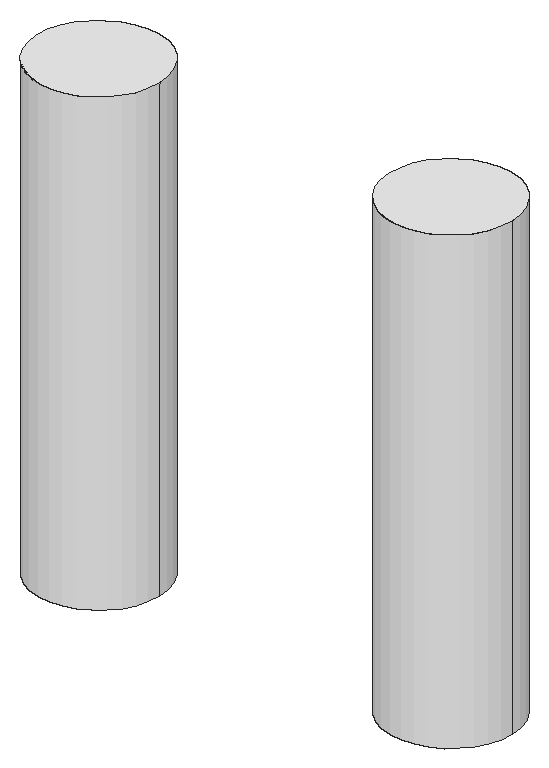
Revit family "51412293", category Plumbing Fixtures, Revit 2020
Family settings
  Round Connector Dimension = Use Diameter
  Part Type = Normal
  OmniClass Number = 23.45.55.00
  OmniClass Title = Sanitary Faucets, Wastes
  Work Plane-Based = No
  Always vertical = Yes
  Cut with Voids When Loaded = No
  Shared = No
  Room Calculation Point = No
Parameters (values of type "51412293 Washbasin faucet")
  Working Pressure = "50 - 1000 kPa"
  WarrantyStartDate [instance] = "n/a"
  WarrantyGuarantorParts = "n/a"
  WarrantyGuarantorLabor = "n/a"
  WarrantyDurationUnit = "Year"
  WarrantyDurationParts = "n/a"
  WarrantyDurationLabor = "n/a"
  WarrantyDescription = "http://warranty.hansa.com"
  Warranty Information URL = "http://warranty.hansa.com"
  VersionDate = "01/06/2023"
  Version = "1"
  ValvePattern = "n/a"
  ValveOperation = "n/a"
  ValveMechanism = "n/a"
  Uniclass2015Reference = "Pr_40_20_87_96"
  Uniclass2015Description = "Washbasin manual water supply sets"
  Uniclass2 = "Pr_40_30_96_96"
  URL UWL = "http://static.hansa.com/UWL/51412293"
  URL REACH = "http://static.hansa.com/doc/reach"
  URL Materials Declaration = "http://www.hansa.com/fileadmin/resources/182299_51412293_materialsdeclaration.pdf"
  URL KIWA = "http://static.hansa.com/Kiwa/51412293"
  URL Environmental Product Declaration EPD = "http://www.hansa.com/fileadmin/resources/184523_EPD_Washbasin faucet.pdf"
  URL EcoLabel Declaration = "http://static.hansa.com/doc/EcoLabel"
  URL EU Packaging Declaration = "http://static.hansa.com/doc/packaging"
  URL Declaration of SCIP = "http://static.hansa.com/doc/SCIP"
  URL Declaration of Conformity = "http://static.hansa.com/DoC/51412293"
  URL Declaration of Asbestos = "http://static.hansa.com/doc/asbestos"
  URL Declaration Of Performance (DOP) = "http://static.hansa.com/doc/DoP"
  URL DVGW = "http://static.hansa.com/DVGW/51412293"
  URL ABP = "http://static.hansa.com/ABP/51412293"
  URL = ""
  UNSPSC Class Number = "30181700 Faucets or taps"
  TestPressure = "n/a"
  Temperature Adjustments = "Limitation option for maximum temperature and flow-rate ;Adjustable hot water stop (included, retrofittable)"
  Temperature = "Temperature limiter;Temperature limiter (retrofittable)"
  Technical DataSheet URL = "http://www.hansa.com/datasheet/51412293/en"
  TagNumber [instance] = "n/a"
  SustainabilityPerformance = "n/a"
  Surface treatment = "Chrome"
  Spout Type = "Fixed spout"
  Spout Projection = "103 mm"
  Spare-Part Information URL = "http://static.hansa.com/sp/51412293"
  Size = "48.5x137x136 mm"
  Shape = "Sculptured"
  SerialNumber [instance] = "n/a"
  Sales Package dimensions (LxWxH) = "380 x 180 x 74"
  Revision = "n/a"
  ReplacementCost = "n/a"
  ProductInformation = "Washbasin faucet with fixed spout and aerator"
  Product URL = "http://static.hansa.com/51412293"
  Product Image URL = "http://static.hansa.com/image/51412293"
  Product Family = "HANSAPOLO "
  Product Code = "51412293"
  OperatingMechanismMaterial = "n/a"
  NominalWidth = 48.5 mm
  NominalHeight = 137 mm
  NominalDepth = 137 mm
  Noise Class = "I (ISO3822)"
  Name_en = "51412293 Washbasin faucet"
  Name = "51412293 Washbasin faucet"
  NBSReference = "45-35-70/371"
  NBSDescription = "Water supply fittings for wash basins and troughs"
  Mounting Holes = "1 hole"
  ModelReference = "51412293"
  ModelNumber = "n/a"
  Model = "51412293 Washbasin faucet"
  Mobile Product Information URL = "http://mpi.hansa.com/51412293"
  Mechanical Parts = "ø 35 mm ceramic cartridge for flow and temperature control"
  Max. Hot Water Supply = 70 °C
  Material = "Brass"
  Market = "Austria;Belgium;Czech Republic;Germany;Spain;International;Italy;Netherlands;Slovakia"
  ManufacturerURL = "http://www.hansa.com"
  ManufacturerName = "HANSA"
  Manufacturer = "HANSA"
  Lever Handle = "Hot/Cold symbols;Single operating lever/handle"
  Interactive AR View URL = "https://static.hansa.com/AR/51412293"
  InstallationDate [instance] = "n/a"
  Installation and Maintenance Guide URL = "http://static.hansa.com/manual/51412293"
  Installation Type = "Deck mounted"
  InletConnectionSize = 8 mm
  IfcExportType = "FAUCET"  # constant formula
  IfcExportAs = "IfcValveType"  # constant formula
  Group = "Washbasin faucet"
  Grade = "n/a"
  FlowCoefficient = 0
  Flow Rate At 300kPa With Flow Controller = 0.1 L/s
  Flow Drawing URL = "http://static.hansa.com/flowchart/51412293"
  Finish = "Polished"
  Features = "Single-lever"
  FaucetMainMaterial = Brass
  FDV Document URL = "http://www.hansa.com/datasheet/51412293/en/fdv"
  Extensions = "Chain holder with chain"
  ExpectedLife = "n/a"
  Excluded Items = "Without pop-up waste"
  ETIM Class Number = "EC011328 Washbasin mixing tap"
  EN Standard = "EN 817"
  EAN Number = "4057304002823"
  DurationUnit = "Year"
  Dimension Drawing URL = "http://static.hansa.com/dimdrw/51412293"
  Description = "Washbasin faucet with fixed spout and aerator"
  DefaultElevation [instance] = 900 mm
  Default Elevation = 0 mm
  Constituents = "n/a"
  Connection Size = "G3/8"
  Connection = "Flexible inlet pipes"
  Color = "Chrome"
  CodePerformance = "n/a"
  CloseOffRating = 0
  Category = "Washbasin"
  Catalog Drawing URL = "http://static.hansa.com/catdrw/51412293"
  CO2 Emissions (D) = -4.56
  CO2 Emissions (C4) = 0.05
  CO2 Emissions (C3) = 0.01
  CO2 Emissions (C2) = 0.01
  CO2 Emissions (B7) = 1854
  CO2 Emissions (A4) = 0.18
  CO2 Emissions (A1-A3) = 6.42
  Brand = "HANSA"
  BodyMaterial = "Brass"
  Barcode [instance] = "n/a"
  BIMObjectName = "51412293"
  Author = "BIMStone"
  AssetType = "Fixed"
  AssetIdentifier [instance] = "n/a"
  Approval KIWA = "K6116/08"
  Approval DVGW = "NW-6506BP0361"
  Approval ABP = "P-IX 29493/IA"
  Ambience photo = "http://static.hansa.com/ambience/51412293"
  Aerator = "PCA® - constant flow rate regardless of pressure variations"
  Advanced Features = "Inner body made of DZR brass;Rapid installation system"
  AccessibilityPerformance = "n/a"
  3D View = "https://static.hansa.com/AR/51412293"
  2D/3D/BIM Files URL = "http://static.hansa.com/bim/51412293"
Reference planes
  plane 1 "Center (Front/Back)": y = 0
  plane 2: z = 0
  plane 3 "Center (Left/Right)": x = 0
  plane 4: x = -24.25
  plane 5: z = 1037
  plane 6: z = 900
  plane 7: z = 870
  plane 8: y = -137
  plane 9: x = 24.25
Forms (mm)
  Extrusion 1, solid, material "Brass" <- "FaucetMainMaterial"
    sketch origin (0, 0, 0) x (1, 0, 0) y (0, 1, 0)
      loop
        circle (-11.5, -22.5) r 4
      loop
        circle (11.5, -22.5) r 4
    from 870 to 900
  Extrusion 2, solid, material "Brass" <- "FaucetMainMaterial", detail levels medium
    sketch origin (0, 0, 0) x (0, 1, 0) y (0, 0, 1)
      loop
        line (-11.837, 1037) -> (-124.122, 1037) -> (-122.074, 1028.126) -> (-62.2, 1027.177)
        arc (-62.2, 1027.177) -> (-58.651, 1025.78) -> (-57.131, 1022.282) r 4.983
        line (-57.131, 1022.282) -> (-56.683, 996.618) -> (-137, 989.601) -> (-137, 987.69) -> (-131.699, 983.242) -> (-135.856, 977.305) -> (-116.182, 963.529) -> (-114.062, 966.556) -> (-77.551, 967.193)
        arc (-77.551, 967.193) -> (-59.309, 959.809) -> (-50.685, 942.118) r 27.474
        line (-50.685, 942.118) -> (-47, 900) -> (0, 900) -> (-11.837, 1037)
    from -24.25 to 24.25
  Extrusion 3, solid, material "Brass" <- "FaucetMainMaterial", detail levels coarse
    sketch origin (0, 0, 0) x (1, 0, 0) y (0, 1, 0)
      loop
        line (-24.25, 0) -> (-24.25, -137) -> (24.25, -137) -> (24.25, 0) -> (-24.25, 0)
    from 900 to 1037
Lines and regions (mm)
  symbolic lines, detail levels medium+fine
    curve 1: line (0, 0, 900) -> (-23.5, 0, 900)
    curve 2: line (-23.5, 0, 900) -> (-23.5, 0, 998.12)
    curve 3: spline (-24.25, 0, 1002.285) -> (-24.238, 0, 1002.205) -> (-24.201, 0, 1002.125) -> (-24.14, 0, 1002.045) -> (-24.055, 0, 1001.966) -> (-23.945, 0, 1001.886) -> (-23.812, 0, 1001.808) -> (-23.654, 0, 1001.729) -> (-23.472, 0, 1001.651) -> (-23.267, 0, 1001.574) -> (-23.039, 0, 1001.498) -> (-22.787, 0, 1001.422) -> (-22.512, 0, 1001.347)
    curve 4: arc (-24.25, 0, 1002.285) -> (-23.247, 0, 1017.942) -> (-21.807, 0, 1033.565) r 561.53
    curve 5: line (-20.482, 0, 1035.174) -> (-14.32, 0, 1036.261)
    curve 6: arc (-14.32, 0, 1036.261) -> (-9.879, 0, 1036.835) -> (-5.404, 0, 1037) r 48.793
    curve 7: line (-5.404, 0, 1037) -> (0, 0, 1037)
    curve 9: line (0, 0, 900) -> (23.5, 0, 900)
    curve 10: line (23.5, 0, 900) -> (23.5, 0, 998.12)
    curve 11: spline (24.25, 0, 1002.285) -> (24.238, 0, 1002.205) -> (24.201, 0, 1002.125) -> (24.14, 0, 1002.045) -> (24.055, 0, 1001.966) -> (23.945, 0, 1001.886) -> (23.812, 0, 1001.808) -> (23.654, 0, 1001.729) -> (23.472, 0, 1001.651) -> (23.267, 0, 1001.574) -> (23.039, 0, 1001.498) -> (22.787, 0, 1001.422) -> (22.512, 0, 1001.347)
    curve 12: arc (24.25, 0, 1002.285) -> (23.247, 0, 1017.942) -> (21.807, 0, 1033.565) r 561.53
    curve 13: line (20.482, 0, 1035.174) -> (14.32, 0, 1036.261)
    curve 14: arc (14.32, 0, 1036.261) -> (9.879, 0, 1036.835) -> (5.404, 0, 1037) r 48.793
    curve 15: line (5.404, 0, 1037) -> (0, 0, 1037)
    curve 16: line (-22.633, 0, 998.988) -> (-22.512, 0, 1001.347)
    curve 17: line (22.633, 0, 998.988) -> (22.512, 0, 1001.347)
    curve 18: arc (-22.633, 0, 998.988) -> (-23.246, 0, 998.734) -> (-23.5, 0, 998.12) r 0.867
    curve 19: arc (22.633, 0, 998.988) -> (23.246, 0, 998.734) -> (23.5, 0, 998.12) r 0.867
    curve 20: arc (-20.482, 0, 1035.174) -> (-21.441, 0, 1034.614) -> (-21.807, 0, 1033.565) r 1.605
    curve 21: arc (20.482, 0, 1035.174) -> (21.441, 0, 1034.614) -> (21.807, 0, 1033.565) r 1.605
    curve 59: line (0, 0, 900) -> (0, -47, 900)
    curve 60: line (0, -47, 900) -> (0, -50.685, 942.118)
    curve 61: arc (0, -50.685, 942.118) -> (0, -59.309, 959.809) -> (0, -77.551, 967.193) r 27.474
    curve 62: line (0, -77.551, 967.193) -> (0, -109.985, 966.627)
    curve 63: arc (0, -109.985, 966.627) -> (0, -111.706, 966.9) -> (0, -113.23, 967.744) r 5.017
    curve 65: line (0, -136.087, 989.68) -> (0, -56.683, 996.618)
    curve 66: line (0, -56.683, 996.618) -> (0, -57.131, 1022.282)
    curve 67: arc (0, -57.131, 1022.282) -> (0, -58.651, 1025.78) -> (0, -62.2, 1027.177) r 4.983
    curve 68: line (0, -62.2, 1027.177) -> (0, -118.76, 1028.074)
    curve 69: arc (0, -118.76, 1028.074) -> (0, -121.312, 1028.98) -> (0, -122.794, 1031.248) r 4.237
    curve 70: line (0, -122.794, 1031.248) -> (0, -123.357, 1033.686)
    curve 71: arc (0, -123.357, 1033.686) -> (0, -123.101, 1034.795) -> (0, -122.07, 1035.277) r 1.299
    curve 72: line (0, -122.07, 1035.277) -> (0, -83.546, 1036.623)
    curve 73: arc (0, -83.546, 1036.623) -> (0, -75.229, 1036.862) -> (0, -66.91, 1037) r 680.589
    curve 74: arc (0, -66.91, 1037) -> (0, -40.52, 1036.693) -> (0, -14.169, 1035.22) r 597.328
    curve 75: arc (0, -14.169, 1035.22) -> (0, -13.191, 1034.767) -> (0, -12.746, 1033.786) r 1.547
    curve 76: line (0, -12.746, 1033.786) -> (0, -9.744, 1014.834)
    curve 77: line (0, -9.744, 1014.834) -> (0, -15.314, 1011.619)
    curve 78: arc (0, -15.314, 1011.619) -> (0, -12.568, 1006.368) -> (0, -11.235, 1000.594) r 23.302
    curve 79: arc (0, -137, 988.684) -> (0, -136.737, 989.36) -> (0, -136.087, 989.68) r 1
    curve 80: arc (0, -137, 988.156) -> (0, -136.906, 987.733) -> (0, -136.643, 987.39) r 1
    curve 81: line (0, -137, 988.684) -> (0, -137, 988.156)
    curve 82: line (0, -116.182, 963.529) -> (0, -135.856, 977.305)
    curve 83: line (0, -131.699, 983.242) -> (0, -135.856, 977.305)
    curve 84: line (0, -113.23, 967.744) -> (0, -116.182, 963.529)
    curve 85: line (0, -131.699, 983.242) -> (0, -136.643, 987.39)
    curve 89: line (0, -11.235, 1000.594) -> (0, -8.819, 1000.805)
    curve 91: line (0, -137, 0) -> (-6.831, -137, 0)
    curve 92: arc (-6.831, -137, 0) -> (-9.954, -136.71, 0) -> (-12.97, -135.849, 0) r 16.95
    curve 93: arc (-12.97, -135.849, 0) -> (-13.9, -135.32, 0) -> (-14.637, -134.545, 0) r 3.659
    curve 94: arc (-14.637, -134.545, 0) -> (-15.74, -132.603, 0) -> (-16.449, -130.485, 0) r 11.565
    curve 95: line (-16.449, -130.485, 0) -> (-22.722, -40.776, 0)
    curve 96: line (0, -137, 0) -> (6.831, -137, 0)
    curve 97: arc (6.831, -137, 0) -> (9.954, -136.71, 0) -> (12.97, -135.849, 0) r 16.95
    curve 98: arc (12.97, -135.849, 0) -> (13.9, -135.32, 0) -> (14.637, -134.545, 0) r 3.659
    curve 99: arc (14.637, -134.545, 0) -> (15.74, -132.603, 0) -> (16.449, -130.485, 0) r 11.565
    curve 100: line (16.449, -130.485, 0) -> (22.722, -40.776, 0)
    curve 102: spline (23.357, -26.09, 0) -> (23.666, -27.298, 0) -> (23.911, -28.52, 0) -> (24.09, -29.752, 0) -> (24.203, -30.993, 0) -> (24.249, -32.237, 0) -> (24.228, -33.482, 0) -> (24.141, -34.725, 0) -> (23.988, -35.961, 0) -> (23.769, -37.187, 0) -> (23.484, -38.401, 0) -> (23.135, -39.598, 0) -> (22.722, -40.776, 0)
    curve 103: arc (23.357, -26.09, 0) -> (0, 0, 0) -> (-23.357, -26.09, 0) r 23.5
    curve 112: spline (-22.722, -40.776, 0) -> (-23.135, -39.598, 0) -> (-23.484, -38.401, 0) -> (-23.769, -37.187, 0) -> (-23.988, -35.961, 0) -> (-24.141, -34.725, 0) -> (-24.228, -33.482, 0) -> (-24.249, -32.237, 0) -> (-24.203, -30.993, 0) -> (-24.09, -29.752, 0) -> (-23.911, -28.52, 0) -> (-23.666, -27.298, 0) -> (-23.357, -26.09, 0)
    curve 117: line (0, 0, 900) -> (0, -8.819, 1000.805)
  symbolic lines, detail levels fine
    curve 8: spline (-22.512, 0, 1001.347) -> (-19.863, 0, 1000.838) -> (-16.168, 0, 1000.405) -> (-11.62, 0, 1000.071) -> (-6.46, 0, 999.854) -> (-0.96, 0, 999.765) -> (4.591, 0, 999.808) -> (9.899, 0, 999.982) -> (14.687, 0, 1000.278) -> (18.7, 0, 1000.679) -> (21.728, 0, 1001.165) -> (23.611, 0, 1001.71) -> (24.25, 0, 1002.285)
    curve 22: line (-15.899, 0, 1034.548) -> (-15.72, 0, 1031.125)
    curve 23: arc (-15.72, 0, 1031.125) -> (-14.393, 0, 1028.344) -> (-11.489, 0, 1027.315) r 4.026
    curve 24: line (-11.489, 0, 1027.315) -> (0, 0, 1027.315)
    curve 25: arc (-14.32, 0, 1036.261) -> (-15.47, 0, 1035.737) -> (-15.899, 0, 1034.548) r 1.629
    curve 26: line (15.899, 0, 1034.548) -> (15.72, 0, 1031.125)
    curve 27: arc (15.72, 0, 1031.125) -> (14.393, 0, 1028.344) -> (11.489, 0, 1027.315) r 4.026
    curve 28: line (11.489, 0, 1027.315) -> (0, 0, 1027.315)
    curve 29: arc (14.32, 0, 1036.261) -> (15.47, 0, 1035.737) -> (15.899, 0, 1034.548) r 1.629
    curve 30: spline (-22.633, 0, 998.988) -> (-21.861, 0, 998.451) -> (-19.6, 0, 997.951) -> (-16.004, 0, 997.522) -> (-11.316, 0, 997.193) -> (-5.858, 0, 996.986) -> (0, 0, 996.915) -> (5.858, 0, 996.986) -> (11.316, 0, 997.193) -> (16.004, 0, 997.522) -> (19.6, 0, 997.951) -> (21.861, 0, 998.451) -> (22.633, 0, 998.988)
    curve 31: spline (10.74, 0, 970.347) -> (10.374, 0, 971.955) -> (9.301, 0, 973.453) -> (7.594, 0, 974.74) -> (5.37, 0, 975.728) -> (2.78, 0, 976.349) -> (0, 0, 976.56) -> (-2.78, 0, 976.349) -> (-5.37, 0, 975.728) -> (-7.594, 0, 974.74) -> (-9.301, 0, 973.453) -> (-10.374, 0, 971.955) -> (-10.74, 0, 970.347) -> (-10.374, 0, 968.738) -> (-9.301, 0, 967.24) -> (-7.594, 0, 965.953) -> (-5.37, 0, 964.965) -> (-2.78, 0, 964.345) -> (0, 0, 964.133) -> (2.78, 0, 964.345) -> (5.37, 0, 964.965) -> (7.594, 0, 965.953) -> (9.301, 0, 967.24) -> (10.374, 0, 968.738) -> (10.74, 0, 970.347)
    curve 32: line (-10.74, 0, 970.347) -> (-10.74, 0, 977.121)
    curve 33: line (10.74, 0, 970.347) -> (10.74, 0, 977.121)
    curve 34: spline (-10.74, 0, 970.633) -> (-11.115, 0, 971.144) -> (-11.425, 0, 971.671) -> (-11.668, 0, 972.211) -> (-11.842, 0, 972.761) -> (-11.948, 0, 973.317) -> (-11.983, 0, 973.877) -> (-11.948, 0, 974.437) -> (-11.842, 0, 974.993) -> (-11.668, 0, 975.543) -> (-11.425, 0, 976.083) -> (-11.115, 0, 976.61) -> (-10.74, 0, 977.121)
    curve 35: line (-11.983, 0, 973.877) -> (-11.983, 0, 976.203)
    curve 36: line (11.983, 0, 973.877) -> (11.983, 0, 976.203)
    curve 37: spline (-11.983, 0, 976.203) -> (-11.574, 0, 978.096) -> (-10.377, 0, 979.86) -> (-8.473, 0, 981.375) -> (-5.991, 0, 982.538) -> (-3.101, 0, 983.269) -> (0, 0, 983.518) -> (3.101, 0, 983.269) -> (5.991, 0, 982.538) -> (8.473, 0, 981.375) -> (10.377, 0, 979.86) -> (11.574, 0, 978.096) -> (11.983, 0, 976.203)
    curve 38: spline (-10.74, 0, 977.121) -> (-9.578, 0, 978.273) -> (-8.088, 0, 979.275) -> (-6.321, 0, 980.092) -> (-4.338, 0, 980.696) -> (-2.207, 0, 981.067) -> (0, 0, 981.192) -> (2.207, 0, 981.067) -> (4.338, 0, 980.696) -> (6.321, 0, 980.092) -> (8.088, 0, 979.275) -> (9.578, 0, 978.273) -> (10.74, 0, 977.121)
    curve 39: spline (10.74, 0, 977.121) -> (11.115, 0, 976.61) -> (11.425, 0, 976.083) -> (11.668, 0, 975.543) -> (11.842, 0, 974.993) -> (11.948, 0, 974.437) -> (11.983, 0, 973.877) -> (11.948, 0, 973.317) -> (11.842, 0, 972.761) -> (11.668, 0, 972.211) -> (11.425, 0, 971.671) -> (11.115, 0, 971.144) -> (10.74, 0, 970.633)
    curve 40: line (-23.5, 0, 998.12) -> (-17.681, 0, 988.808)
    curve 41: line (-17.681, 0, 988.808) -> (-16.86, 0, 987.494)
    curve 42: arc (-16.86, 0, 987.494) -> (-15.964, 0, 986.671) -> (-14.772, 0, 986.423) r 2.289
    curve 43: line (-3.71, 0, 987.138) -> (-14.772, 0, 986.423)
    curve 44: arc (-3.71, 0, 987.138) -> (-1.858, 0, 987.301) -> (0, 0, 987.355) r 31.816
    curve 45: line (23.5, 0, 998.12) -> (16.86, 0, 987.494)
    curve 46: arc (16.86, 0, 987.494) -> (15.963, 0, 986.67) -> (14.77, 0, 986.422) r 2.29
    curve 47: line (3.71, 0, 987.138) -> (14.77, 0, 986.422)
    curve 48: arc (3.71, 0, 987.138) -> (1.858, 0, 987.301) -> (0, 0, 987.355) r 31.816
    curve 49: line (-23.5, 0, 988.518) -> (-18.651, 0, 977.627)
    curve 50: arc (-18.651, 0, 977.627) -> (-15.357, 0, 972.753) -> (-10.589, 0, 969.307) r 16.858
    curve 51: line (23.5, 0, 988.518) -> (18.651, 0, 977.627)
    curve 52: arc (18.651, 0, 977.627) -> (15.357, 0, 972.753) -> (10.589, 0, 969.307) r 16.858
    curve 53: line (-17.103, 0, 984.092) -> (-17.368, 0, 980.229)
    curve 54: arc (-17.368, 0, 980.229) -> (-16.589, 0, 975.346) -> (-13.751, 0, 971.296) r 11.008
    curve 55: arc (-14.772, 0, 986.423) -> (-16.42, 0, 985.741) -> (-17.103, 0, 984.092) r 2.331
    curve 56: line (17.103, 0, 984.092) -> (17.368, 0, 980.229)
    curve 57: arc (17.368, 0, 980.229) -> (16.589, 0, 975.346) -> (13.751, 0, 971.296) r 11.008
    curve 58: arc (14.772, 0, 986.423) -> (16.42, 0, 985.741) -> (17.103, 0, 984.092) r 2.331
    curve 64: line (0, -113.23, 967.744) -> (0, -131.699, 983.242)
    curve 86: line (0, -15.314, 1011.619) -> (0, -31.179, 1002.459)
    curve 87: line (0, -56.746, 1000.222) -> (0, -31.179, 1002.459)
    curve 88: line (0, -56.683, 996.618) -> (0, -11.235, 1000.594)
    curve 90: spline (-16.871, -49.542, 0) -> (-17.505, -48.918, 0) -> (-18.114, -48.272, 0) -> (-18.699, -47.604, 0) -> (-19.258, -46.915, 0) -> (-19.791, -46.206, 0) -> (-20.296, -45.479, 0) -> (-20.774, -44.734, 0) -> (-21.223, -43.971, 0) -> (-21.643, -43.194, 0) -> (-22.033, -42.401, 0) -> (-22.393, -41.595, 0) -> (-22.722, -40.776, 0)
    curve 101: spline (-23.357, -26.09, 0) -> (-21.412, -21.325, 0) -> (-18.468, -17.081, 0) -> (-14.662, -13.556, 0) -> (-10.172, -10.913, 0) -> (-5.207, -9.276, 0) -> (0, -8.722, 0) -> (5.207, -9.276, 0) -> (10.172, -10.913, 0) -> (14.662, -13.556, 0) -> (18.468, -17.081, 0) -> (21.412, -21.325, 0) -> (23.357, -26.09, 0)
    curve 104: line (0, -123.45, 0) -> (-5, -123.45, 0)
    curve 105: arc (-5, -123.45, 0) -> (-8.178, -122.739, 0) -> (-10.749, -120.742, 0) r 7.456
    curve 106: arc (-10.749, -120.742, 0) -> (-11.709, -119.136, 0) -> (-12.144, -117.316, 0) r 6.19
    curve 107: line (-12.144, -117.316, 0) -> (-15.964, -54.466, 0)
    curve 108: line (0, -123.45, 0) -> (5, -123.45, 0)
    curve 109: arc (5, -123.45, 0) -> (8.178, -122.739, 0) -> (10.749, -120.742, 0) r 7.456
    curve 110: arc (10.749, -120.742, 0) -> (11.709, -119.136, 0) -> (12.144, -117.316, 0) r 6.19
    curve 111: line (12.144, -117.316, 0) -> (15.964, -54.466, 0)
    curve 113: spline (22.722, -40.776, 0) -> (22.393, -41.595, 0) -> (22.033, -42.401, 0) -> (21.643, -43.194, 0) -> (21.223, -43.971, 0) -> (20.774, -44.734, 0) -> (20.296, -45.479, 0) -> (19.791, -46.206, 0) -> (19.258, -46.915, 0) -> (18.699, -47.604, 0) -> (18.114, -48.272, 0) -> (17.505, -48.918, 0) -> (16.871, -49.542, 0)
    curve 114: spline (18.875, -45.082, 0) -> (21.467, -38.062, 0) -> (21.469, -30.592, 0) -> (18.881, -23.572, 0) -> (14.014, -17.848, 0) -> (7.457, -14.112, 0) -> (0, -12.815, 0) -> (-7.457, -14.112, 0) -> (-14.014, -17.848, 0) -> (-18.881, -23.572, 0) -> (-21.469, -30.592, 0) -> (-21.467, -38.062, 0) -> (-18.875, -45.082, 0)
    curve 115: arc (-15.964, -54.466, 0) -> (-16.854, -49.598, 0) -> (-18.875, -45.082, 0) r 20.664
    curve 116: arc (15.964, -54.466, 0) -> (16.854, -49.598, 0) -> (18.875, -45.082, 0) r 20.664
Dimensions and locks
  "NominalHeight": plane 5 to plane 6
  "DefaultElevation": plane 6 to level
  locked: plane 6 to plane 7 at 30
  "NominalDepth": plane 8 to plane 1 "Center (Front/Back)"
  equal spacing: plane 4, plane 3 "Center (Left/Right)", plane 9
  "NominalWidth": plane 4 to plane 9
  "InletConnectionSize": diameter of Extrusion 1 sketch curve  (x2)
  aligned and locked: level to plane 2
  aligned and locked: plane 6 to Extrusion 1
  aligned and locked: Extrusion 1 to plane 7
  aligned and locked: Extrusion 3 to plane 6
  aligned and locked: plane 5 to Extrusion 3
  aligned and locked: plane 6 to import instance
Automatic sketch dimensions
  curve 101 to plane 4 = 0 mm
  curve 90 to plane 4 = 0 mm
  curve 112 to plane 4 = 0 mm
  curve 113 to plane 4 = 0 mm
  curve 102 to plane 4 = 0 mm
  plane 8 to curve 92 = 0 mm
  curve 96 to plane 3 "Center (Left/Right)" = 0 mm
  curve 90 to plane 3 "Center (Left/Right)" = 0 mm
  curve 101 to plane 3 "Center (Left/Right)" = 0 mm
  curve 102 to plane 3 "Center (Left/Right)" = 0 mm
  curve 113 to plane 3 "Center (Left/Right)" = 0 mm
  curve 108 to plane 3 "Center (Left/Right)" = 0 mm
  curve 103 to plane 3 "Center (Left/Right)" = 0 mm
  curve 114 to plane 3 "Center (Left/Right)" = 0 mm
  curve 112 to plane 3 "Center (Left/Right)" = 0 mm
  curve 115 to plane 4 = 12.34 mm
  plane 4 to curve 95 = 1.528 mm
  plane 4 to curve 95 = 7.801 mm
  plane 4 to curve 107 = 8.286 mm
  plane 4 to curve 107 = 12.106 mm
  curve 95 to curve 93 = 4.805 mm
  curve 106 to curve 92 = 5.313 mm
  curve 92 to curve 106 = 0.855 mm
  curve 94 to plane 3 "Center (Left/Right)" = 5.179 mm
  curve 92 to curve 104 = 1.831 mm
  plane 3 "Center (Left/Right)" to curve 108 = 5 mm
  curve 108 to curve 99 = 0.179 mm
  curve 109 to curve 110 = 0.976 mm
  curve 110 to curve 97 = 0.855 mm
  curve 98 to plane 8 = 4.562 mm
  curve 97 to curve 98 = 4.813 mm
  curve 97 to curve 111 = 5.313 mm
  plane 9 to curve 111 = 8.286 mm
  curve 98 to curve 100 = 4.805 mm
  plane 9 to curve 100 = 1.528 mm
  curve 116 to plane 9 = 12.34 mm
  curve 93 to plane 8 = 4.562 mm
  curve 93 to curve 95 = 1.953 mm
  curve 98 to curve 100 = 1.953 mm
  curve 98 to curve 99 = 4.55 mm
  curve 93 to curve 94 = 4.55 mm
  curve 94 to curve 104 = 4.438 mm
  curve 109 to curve 97 = 3.4 mm
  curve 105 to curve 92 = 3.4 mm
  curve 92 to curve 107 = 2.733 mm
  curve 97 to curve 111 = 2.733 mm
  curve 97 to curve 110 = 3.25 mm
  curve 92 to curve 106 = 3.25 mm
  curve 106 to curve 105 = 0.806 mm
  curve 110 to curve 109 = 0.806 mm
  plane 1 "Center (Front/Back)" to curve 115 = 55.719 mm
  curve 116 to curve 111 = 1.254 mm
  curve 115 to curve 107 = 1.254 mm
  curve 115 to curve 95 = 13.69 mm
  curve 111 to curve 100 = 13.69 mm
  plane 1 "Center (Front/Back)" to curve 103 = 23.5 mm
  plane 4 to curve 103 = 0.893 mm
  plane 4 to curve 115 = 5.375 mm
  curve 115 to curve 90 = 2.004 mm
  curve 93 to curve 94 = 0 mm
  curve 98 to curve 97 = 0 mm
  curve 113 to curve 114 = 2.004 mm
  plane 9 to curve 114 = 2.451 mm
  curve 113 to curve 114 = 4.46 mm
  curve 114 to curve 90 = 1.844 mm
  curve 101 to curve 90 = 0 mm
  curve 112 to curve 113 = 0 mm
  Extrusion 3 sketch curve to plane 4 = 0 mm
  plane 8 to Extrusion 3 sketch curve = 0 mm
  Extrusion 3 sketch curve to plane 9 = 0 mm
  Extrusion 3 sketch curve to plane 1 "Center (Front/Back)" = 0 mm
  Extrusion 2 sketch curve to plane 8 = 0 mm
  Extrusion 2 sketch curve to plane 6 = 0 mm
  Extrusion 2 sketch curve to plane 5 = 0 mm
  Extrusion 2 sketch curve to plane 1 "Center (Front/Back)" = 0 mm
  Extrusion 2 sketch curve to plane 8 = 1.144 mm
  Extrusion 2 sketch curve to plane 8 = 5.301 mm
  Extrusion 2 sketch curve to plane 8 = 12.878 mm
  Extrusion 2 sketch curve to Extrusion 2 sketch curve = 2.049 mm
  Extrusion 2 sketch curve to plane 8 = 20.818 mm
  Extrusion 2 sketch curve to Extrusion 2 sketch curve = 2.12 mm
  Extrusion 2 sketch curve to Extrusion 2 sketch curve = 36.007 mm
  Extrusion 2 sketch curve to Extrusion 2 sketch curve = 0.503 mm
  Extrusion 2 sketch curve to plane 5 = 9.823 mm
  Extrusion 2 sketch curve to Extrusion 2 sketch curve = 59.874 mm
  Extrusion 2 sketch curve to Extrusion 2 sketch curve = 0.087 mm
  Extrusion 2 sketch curve to plane 5 = 14.718 mm
  Extrusion 2 sketch curve to Extrusion 2 sketch curve = 4.982 mm
  Extrusion 2 sketch curve to Extrusion 2 sketch curve = 0.448 mm
  Extrusion 2 sketch curve to Extrusion 2 sketch curve = 27.37 mm
  Extrusion 2 sketch curve to Extrusion 2 sketch curve = 3.685 mm
  plane 6 to Extrusion 2 sketch curve = 39.723 mm
  Extrusion 2 sketch curve to Extrusion 2 sketch curve = 2.395 mm
  Extrusion 2 sketch curve to Extrusion 2 sketch curve = 3.664 mm
  Extrusion 2 sketch curve to Extrusion 2 sketch curve = 3.027 mm
  Extrusion 2 sketch curve to Extrusion 2 sketch curve = 4.448 mm
  Extrusion 2 sketch curve to Extrusion 2 sketch curve = 1.911 mm
  Extrusion 2 sketch curve to Extrusion 2 sketch curve = 25.664 mm
  Extrusion 2 sketch curve to plane 5 = 8.874 mm
  plane 1 "Center (Front/Back)" to Extrusion 2 sketch curve = 11.837 mm
  curve 81 to plane 8 = 0 mm
  curve 73 to plane 5 = 0 mm
  curve 74 to plane 5 = 0 mm
  curve 59 to plane 6 = 0 mm
  curve 59 to plane 1 "Center (Front/Back)" = 0 mm
  curve 85 to plane 8 = 0.357 mm
  curve 80 to plane 8 = 1 mm
  curve 79 to curve 80 = 0 mm
  curve 82 to plane 8 = 1.144 mm
  curve 64 to plane 8 = 5.301 mm
  curve 70 to plane 5 = 3.314 mm
  curve 70 to plane 8 = 13.643 mm
  curve 70 to plane 5 = 5.752 mm
  curve 70 to curve 70 = 0.563 mm
  curve 70 to curve 71 = 1.266 mm
  curve 72 to plane 5 = 1.723 mm
  curve 71 to curve 72 = 0.021 mm
  curve 68 to plane 5 = 8.926 mm
  curve 70 to curve 68 = 4.035 mm
  curve 71 to curve 69 = 3.399 mm
  curve 82 to plane 8 = 20.818 mm
  curve 82 to curve 84 = 2.952 mm
  curve 63 to curve 63 = 3.157 mm
  curve 64 to curve 62 = 3.245 mm
  curve 72 to plane 5 = 0.377 mm
  curve 69 to curve 72 = 35.147 mm
  curve 62 to curve 61 = 31.931 mm
  curve 61 to curve 62 = 0.503 mm
  curve 68 to plane 5 = 9.823 mm
  curve 72 to curve 68 = 21.346 mm
  curve 68 to curve 67 = 0.087 mm
  plane 1 "Center (Front/Back)" to curve 74 = 60.664 mm
  plane 1 "Center (Front/Back)" to curve 73 = 59.793 mm
  curve 66 to plane 5 = 14.718 mm
  curve 67 to curve 66 = 4.982 mm
  curve 66 to curve 66 = 0.448 mm
  curve 61 to curve 60 = 27.37 mm
  curve 60 to curve 59 = 3.685 mm
  curve 65 to curve 78 = 22.261 mm
  curve 78 to curve 86 = 3.242 mm
  plane 1 "Center (Front/Back)" to curve 77 = 15.314 mm
  curve 75 to plane 5 = 3.322 mm
  plane 1 "Center (Front/Back)" to curve 75 = 14.289 mm
  curve 76 to plane 5 = 3.214 mm
  curve 75 to curve 76 = 1.543 mm
  plane 1 "Center (Front/Back)" to curve 89 = 11.235 mm
  curve 78 to curve 76 = 5.569 mm
  level to curve 74 = 439.705 mm
  plane 6 to curve 61 = 39.723 mm
  curve 61 to curve 60 = 2.395 mm
  curve 82 to curve 61 = 3.664 mm
  curve 82 to curve 62 = 3.098 mm
  curve 63 to curve 84 = 1.117 mm
  curve 64 to curve 85 = 4.148 mm
  curve 80 to curve 79 = 0.528 mm
  curve 65 to curve 78 = 1.664 mm
  curve 78 to curve 89 = 2.312 mm
  curve 78 to curve 87 = 4.177 mm
  curve 78 to curve 76 = 3.215 mm
  curve 79 to plane 8 = 0.913 mm
  curve 65 to curve 79 = 0 mm
  curve 87 to plane 5 = 36.778 mm
  curve 88 to curve 117 = 2.415 mm
  curve 88 to curve 89 = 0.211 mm
  curve 3 to plane 4 = 0 mm
  curve 8 to plane 4 = 0 mm
  curve 2 to plane 6 = 0 mm
  curve 7 to plane 5 = 0 mm
  curve 48 to plane 3 "Center (Left/Right)" = 0 mm
  curve 39 to plane 3 "Center (Left/Right)" = 0 mm
  curve 11 to plane 3 "Center (Left/Right)" = 0 mm
  curve 38 to plane 3 "Center (Left/Right)" = 0 mm
  curve 9 to plane 3 "Center (Left/Right)" = 0 mm
  curve 37 to plane 3 "Center (Left/Right)" = 0 mm
  curve 8 to plane 3 "Center (Left/Right)" = 0 mm
  curve 30 to plane 3 "Center (Left/Right)" = 0 mm
  curve 7 to plane 3 "Center (Left/Right)" = 0 mm
  curve 24 to plane 3 "Center (Left/Right)" = 0 mm
  curve 31 to plane 3 "Center (Left/Right)" = 0 mm
  curve 3 to plane 3 "Center (Left/Right)" = 0 mm
  curve 34 to plane 3 "Center (Left/Right)" = 0 mm
  curve 12 to plane 5 = 62.774 mm
  curve 12 to plane 4 = 512.328 mm
  plane 4 to curve 2 = 0.75 mm
  curve 18 to curve 18 = 0.867 mm
  plane 4 to curve 16 = 1.738 mm
  curve 5 to plane 5 = 1.826 mm
  plane 4 to curve 5 = 3.768 mm
  curve 5 to curve 20 = 0.279 mm
  plane 4 to curve 49 = 5.599 mm
  curve 49 to curve 41 = 5.819 mm
  curve 50 to curve 53 = 1.283 mm
  curve 53 to curve 53 = 0.265 mm
  curve 40 to curve 41 = 0.821 mm
  curve 22 to plane 5 = 2.452 mm
  curve 20 to curve 22 = 4.304 mm
  curve 25 to curve 22 = 0.179 mm
  curve 42 to curve 42 = 1.941 mm
  curve 42 to curve 43 = 0.147 mm
  curve 25 to curve 5 = 1.579 mm
  curve 5 to curve 25 = 0.047 mm
  curve 53 to curve 35 = 5.385 mm
  curve 23 to curve 23 = 4.02 mm
  curve 23 to curve 24 = 0.211 mm
  curve 35 to curve 32 = 1.243 mm
  curve 34 to curve 54 = 4.354 mm
  curve 6 to plane 3 "Center (Left/Right)" = 5.848 mm
  curve 7 to plane 3 "Center (Left/Right)" = 5.404 mm
  curve 6 to curve 43 = 2.138 mm
  curve 44 to curve 50 = 0.46 mm
  plane 3 "Center (Left/Right)" to curve 15 = 5.404 mm
  curve 47 to curve 14 = 2.138 mm
  curve 57 to curve 33 = 4.354 mm
  curve 14 to curve 28 = 6.085 mm
  curve 27 to curve 27 = 0.211 mm
  curve 27 to curve 29 = 2.573 mm
  curve 13 to plane 5 = 0.739 mm
  curve 29 to curve 13 = 0.047 mm
  curve 14 to curve 47 = 8.922 mm
  curve 46 to curve 58 = 0.002 mm
  curve 58 to curve 46 = 0.146 mm
  curve 26 to plane 5 = 5.875 mm
  curve 29 to curve 26 = 1.447 mm
  curve 26 to plane 5 = 2.452 mm
  curve 29 to curve 26 = 1.626 mm
  curve 58 to curve 56 = 2.331 mm
  curve 56 to curve 56 = 0.265 mm
  curve 56 to curve 51 = 1.283 mm
  plane 9 to curve 21 = 4.047 mm
  curve 13 to plane 5 = 1.826 mm
  curve 21 to curve 13 = 0.279 mm
  plane 9 to curve 17 = 1.738 mm
  plane 9 to curve 9 = 0.75 mm
  curve 4 to plane 5 = 62.774 mm
  curve 4 to plane 9 = 512.328 mm
  curve 48 to curve 14 = 32.67 mm
  curve 36 to curve 14 = 12.006 mm
  curve 35 to curve 32 = 0.918 mm
  curve 37 to curve 51 = 1.425 mm
  curve 35 to curve 49 = 1.425 mm
  curve 34 to curve 54 = 2.355 mm
  curve 33 to curve 57 = 2.355 mm
  curve 50 to curve 53 = 2.602 mm
  curve 52 to curve 56 = 2.602 mm
  curve 53 to curve 55 = 3.863 mm
  curve 57 to curve 58 = 3.863 mm
  curve 54 to curve 50 = 5.008 mm
  curve 47 to curve 58 = 0.001 mm
  curve 47 to curve 14 = 1.071 mm
  curve 42 to curve 41 = 1.071 mm
  curve 44 to curve 6 = 1.071 mm
  curve 58 to curve 46 = 2.284 mm
  curve 42 to curve 41 = 1.314 mm
  curve 40 to curve 2 = 9.312 mm
  curve 30 to curve 16 = 2.36 mm
  curve 19 to curve 17 = 2.36 mm
  curve 28 to curve 27 = 3.81 mm
  curve 22 to curve 25 = 3.423 mm
  curve 20 to curve 5 = 1.58 mm
  curve 21 to curve 21 = 1.58 mm
  curve 20 to curve 20 = 1.604 mm
  curve 38 to curve 39 = 0 mm
  curve 46 to curve 46 = 1.942 mm
  curve 21 to curve 12 = 1.604 mm
  curve 31 to curve 33 = 0 mm
  curve 32 to curve 34 = 0.286 mm
  curve 33 to curve 39 = 0.286 mm
  curve 38 to curve 34 = 0 mm
  curve 35 to curve 37 = 2.326 mm
  curve 36 to curve 39 = 0 mm
  curve 45 to curve 51 = 1.024 mm
  curve 49 to curve 40 = 0.29 mm
  curve 44 to curve 48 = 0 mm
  plane 3 "Center (Left/Right)" to curve 52 = 3.25 mm
  curve 52 to curve 47 = 0.46 mm
  curve 52 to curve 48 = 2.654 mm
  curve 32 to curve 50 = 0.151 mm
  curve 52 to curve 33 = 1.04 mm
  curve 50 to curve 32 = 1.04 mm
  Extrusion 1 sketch curve to plane 3 "Center (Left/Right)" = 11.5 mm
  plane 3 "Center (Left/Right)" to Extrusion 1 sketch curve = 11.5 mm
  plane 1 "Center (Front/Back)" to Extrusion 1 sketch curve = 22.5 mm  (x2)
Nested families
  nested 1: "Symbol" at (0, 0, 0), type "Symbol", detail levels coarse
Connectors
  piping at (-11.5, -22.5, 870), diameter 8, driven by "InletConnectionSize"
    settings: on Extrusion 1, index 1, connector inside diameter 609.6 mm, connector length 0 mm, flow factor 0, pipe flow 0.1 L/s, pressure drop 0.0 Pa, fitting loss kfactor 0, connector angle 0.00°, fixture units 0, engagement length 0 mm, angle of deflection 0.00°, flow configuration 1, flow direction 1, fitting loss method 0, system type 19, joint type 0, gender type 0, connector reference index -1, connector utility 0, adjustable connector no, is connector primary yes, connector description ""
  piping at (11.5, -22.5, 870), diameter 8, driven by "InletConnectionSize"
    settings: on Extrusion 1, index 2, connector inside diameter 609.6 mm, connector length 0 mm, flow factor 0, pipe flow 0.1 L/s, pressure drop 0.0 Pa, fitting loss kfactor 0, connector angle 0.00°, fixture units 0, engagement length 0 mm, angle of deflection 0.00°, flow configuration 1, flow direction 1, fitting loss method 0, system type 20, joint type 0, gender type 0, connector reference index -1, connector utility 0, adjustable connector no, is connector primary no, connector description ""
Definition of nested family "Symbol"
  Reference planes
    plane 1: y = 0
    plane 2: x = 0
  Lines and regions (mm)
    detail lines
      curve 1: line (0, 0, 0) -> (0, -1.8, 0)
      curve 2: line (-0.4, -1.1, 0) -> (0.4, -1.1, 0)
      curve 3: line (-0.4, -1.4, 0) -> (0.4, -1.4, 0)
      curve 4: line (0.863, 0, 0) -> (-0.863, 0, 0)
      curve 5: circle (-1.163, 0, 0) r 0.3 normal (0, 0, -1)
      curve 6: circle (1.163, 0, 0) r 0.3 normal (0, 0, 1)
